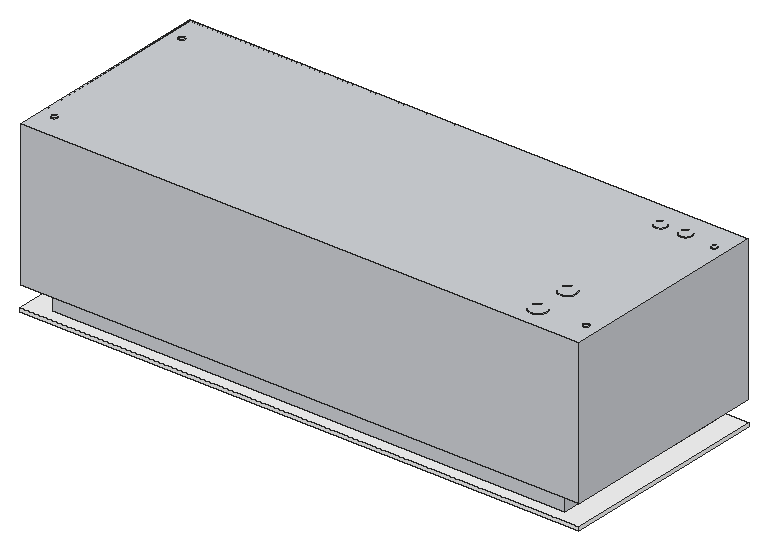
Revit family "PHV1000R P2", category Mechanical Equipment, host Ceiling, Revit 2015
Parameters (values of type "PHV1000WR P2 82/71")
  water in/output pipe holes = 35 mm
  water hole dis = 76 mm
  drop = 15.632 mm
  created by = "Daniel Smith"
  boundary box width = 500 mm
  boundary box length sides = 1000 mm
  Weight (kg) = "40"
  Supply (50Hz) = "230v1phase"
  sheet metal thickness = 1.2 mm
  length = 1150 mm
  width = 436 mm
  flange height = 7 mm
  electrical input holes = 25 mm
  edge w = 47.5 mm
  edge l = 23 mm
  drop rod hole width = 382 mm
  drop rod hole length = 27.273 mm
  center y = width / 2  # 218 mm
  center x = length / 2  # 575 mm
  water hole length = 46 mm
  water hole edge width = 121 mm
  URL = "http://www.thermoscreens.com/"
  Product URL = ""
  Offset from the floor (max distance) = "3meters"
  Noise level dB (A) @3m Med = 57 mm
  Noise level dB (A) @3m Low = 56 mm
  Noise level dB (A) @3m High = 59 mm
  Model = "PHV1000WR P2 82/71"
  Max. Velocity (m/s) = "10.5"
  Max. Air Volume (m3/h) = "2500"
  Manufacturer = "Thermoscreens"
  Loading (A)* per phase = "1.3"
  Heat output (k.W) = "12"
  E pipe 2 length = 140 mm
  E hole width = 50 mm
  E hole 1 length = 90 mm
  Drop rod = 12 mm
  Description = "Thermoscreens PHV recessed range air curtains offer a wide range of heating and mounting options and provide climate separation for entrances up to 3.75m in height. The air curtains are suitable for applications such as hotels, airports, and commercial buildings. The  air curtains are available in standard widths of 1, 1.5 and 2m.  Models available are ambient (without heating), electrical or water heated versions. \r\n\r\nWater heated (LPHW) versions are available with 2 row coils for water inlet temperatures of 70°C or above. In addition, recessed units are also available with 3 row coils for lower water temperatures. Motorised three port valves are supplied as standard with all LPHW models.\r\n\r\nElectrical and LPHW models are supplied complete with Ecopower control."
  DROP = 7 mm
  Boundary box = no
  Air flow = no
Types (4, lengths in mm): name | Weight (kg) | Supply (50Hz) | Model | Max. Velocity (m/s) | Max. Air Volume (m3/h) | Loading (A)* per phase | Heat output (k.W)
  PHV1000AR P2 | "33" | "230v1phase" | "PHV1000AR P2" | "11.5" | "2750" | "1.3" | "-"
  PHV1000ER P2 | "37" | "400v3phase" | "PHV1000ER P2" | "11.5" | "2750" | "18.7" | "6/12"
  PHV1000WR P2 82/71 | "40" | "230v1phase" | "PHV1000WR P2 82/71" | "10.5" | "2500" | "1.3" | "12"
  PHV1000WR P2 60/40 | "40" | "230v1phase" | "PHV1000WR P2 60/40" | "10.5" | "2500" | "1.3" | "12"
Reference planes
  plane 1 "Center (Front/Back)": y = 0
  plane 2: z = 0
  plane 3 "Center (Left/Right)": x = 0
  plane 4 "Ceiling": z = 0
  plane 5: y = 218
  plane 6: y = -218
  plane 7: x = 575
  plane 8: x = -575
  plane 9: x = -527.5
  plane 10: x = 527.5
  plane 11: y = -195
  plane 12: y = 195
Forms (mm)
  Extrusion 1, solid, material "Default New Material(1)"
    sketch origin (0, 0, -7) x (0, 1, 0) y (-1, 0, 0)
      loop
        line (218, 575) -> (-218, 575) -> (-218, -575) -> (218, -575) -> (218, 575)
    from 0 to 7
  Extrusion 2, solid
    sketch origin (0, 0, 0) x (0, 1, 0) y (-1, 0, 0)
      loop
        line (195, 527.5) -> (-195, 527.5) -> (-195, -527.5) -> (195, -527.5) -> (195, 527.5)
    from 0 to 43
  Extrusion 3, solid
    sketch origin (0, 0, 43) x (0, 1, 0) y (-1, 0, 0)
      loop
        line (195, 527.5) -> (-195, 527.5) -> (-195, -527.5) -> (195, -527.5) -> (195, 527.5)
      loop
        line (218, 575) -> (-218, 575) -> (-218, -575) -> (218, -575) -> (218, 575)
    from 0 to 1.2
  Extrusion 4, solid
    sketch origin (-575, 218, 43) x (1, 0, 0) y (0, 0, -1)
      loop
        line (1150, 0) -> (0, 0) -> (0, -296) -> (1150, -296) -> (1150, 0)
    from 0 to -1.2
  Extrusion 5, solid
    sketch origin (575, 218, 43) x (0, -1, 0) y (0, 0, -1)
      loop
        line (436, 0) -> (0, 0) -> (0, -296) -> (436, -296) -> (436, 0)
    from 0 to -1.2
  Extrusion 6, solid
    sketch origin (575, -218, 339) x (0, 0, -1) y (1, 0, 0)
      loop
        line (296, 0) -> (0, 0) -> (0, -1150) -> (296, -1150) -> (296, 0)
    from 0 to -1.2
  Extrusion 7, void
    sketch origin (0, 0, 43) x (-1, 0, 0) y (0, 1, 0)
      loop
        line (-526.3, 193.8) -> (-526.3, -193.8) -> (526.3, -193.8) -> (526.3, 193.8) -> (-526.3, 193.8)
    from 0 to 48
  Extrusion 8, solid
    sketch origin (-575, 218, 339) x (0, 0, -1) y (0, -1, 0)
      loop
        line (0, 0) -> (296, 0) -> (296, 436) -> (0, 436) -> (0, 0)
    from 0 to -1.2
  Extrusion 9, solid
    sketch origin (-575, -218, 339) x (0, 1, 0) y (-1, 0, 0)
      loop
        line (434.8, 0) -> (0, 0) -> (0, -1150) -> (434.8, -1150) -> (434.8, 0)
    from 0 to -1.2
  Extrusion 10, void
    sketch origin (0, 0, -7) x (0, 1, 0) y (-1, 0, 0)
      loop
        line (-178, -540) -> (-153, -540) -> (-153, 540) -> (-178, 540) -> (-178, -540)
      loop
        line (-143, 540) -> (-143, -540) -> (-118, -540) -> (-118, 540) -> (-143, 540)
      loop
        line (-108, 540) -> (-108, -540) -> (-83, -540) -> (-83, 540) -> (-108, 540)
    from 0 to 5
  Extrusion 11, void
    sketch origin (0, 0, -7) x (0, 1, 0) y (-1, 0, 0)
      loop
        line (-33, 540) -> (-33, -540) -> (-28, -540) -> (-28, 540) -> (-33, 540)
      loop
        line (-23, 540) -> (-23, -540) -> (-18, -540) -> (-18, 540) -> (-23, 540)
      loop
        line (-13, 540) -> (-13, -540) -> (-8, -540) -> (-8, 540) -> (-13, 540)
      loop
        line (-3, 540) -> (-3, -540) -> (2, -540) -> (2, 540) -> (-3, 540)
      loop
        line (7, 540) -> (7, -540) -> (12, -540) -> (12, 540) -> (7, 540)
      loop
        line (17, 540) -> (17, -540) -> (22, -540) -> (22, 540) -> (17, 540)
      loop
        line (27, 540) -> (27, -540) -> (32, -540) -> (32, 540) -> (27, 540)
      loop
        line (37, 540) -> (37, -540) -> (42, -540) -> (42, 540) -> (37, 540)
      loop
        line (47, 540) -> (47, -540) -> (52, -540) -> (52, 540) -> (47, 540)
      loop
        line (57, 540) -> (57, -540) -> (62, -540) -> (62, 540) -> (57, 540)
      loop
        line (67, 540) -> (67, -540) -> (72, -540) -> (72, 540) -> (67, 540)
      loop
        line (77, 540) -> (77, -540) -> (82, -540) -> (82, 540) -> (77, 540)
      loop
        line (87, 540) -> (87, -540) -> (92, -540) -> (92, 540) -> (87, 540)
      loop
        line (97, 540) -> (97, -540) -> (102, -540) -> (102, 540) -> (97, 540)
      loop
        line (107, 540) -> (107, -540) -> (112, -540) -> (112, 540) -> (107, 540)
      loop
        line (117, 540) -> (117, -540) -> (122, -540) -> (122, 540) -> (117, 540)
      loop
        line (127, 540) -> (127, -540) -> (132, -540) -> (132, 540) -> (127, 540)
      loop
        line (137, 540) -> (137, -540) -> (142, -540) -> (142, 540) -> (137, 540)
      loop
        line (147, 540) -> (147, -540) -> (152, -540) -> (152, 540) -> (147, 540)
      loop
        line (157, 540) -> (157, -540) -> (162, -540) -> (162, 540) -> (157, 540)
      loop
        line (166.951, 540) -> (166.951, -540) -> (171.951, -540) -> (171.951, 540) -> (166.951, 540)
      loop
        line (176.951, 540) -> (176.951, -540) -> (181.951, -540) -> (181.951, 540) -> (176.951, 540)
      loop
        line (-63, 540) -> (-63, -540) -> (-58, -540) -> (-58, 540) -> (-63, 540)
      loop
        line (-53, 540) -> (-53, -540) -> (-48, -540) -> (-48, 540) -> (-53, 540)
      loop
        line (-43, 540) -> (-43, -540) -> (-38, -540) -> (-38, 540) -> (-43, 540)
    from 0 to 5
  Extrusion 12, solid
    sketch origin (-575, -218, 337.8) x (-1, 0, 0) y (0, 1, 0)
      loop
        circle (-1029, 46) r 17.5
      loop
        circle (-1029, 122) r 17.5
      loop
        circle (-1122.727, 382) r 6
      loop
        circle (-1122.727, 52.8) r 6
      loop
        circle (-27.273, 52.8) r 6
      loop
        circle (-27.273, 382) r 6
      loop
        circle (-1060, 387.418) r 12.5
      loop
        circle (-1010, 384.8) r 12.5
    from -1 to -1.2
  Extrusion 13, solid, material "air flow and work space", visible <- "Boundary box", detail levels fine
    sketch origin (-575, -218, 337.8) x (-1, 0, 0) y (0, 1, 0)
      loop
        line (500, 934.8) -> (-1650, 934.8) -> (-1650, 0) -> (-1150, 0) -> (-1150, 434.8) -> (-1.2, 434.8) -> (-1.2, 0) -> (500, 0) -> (500, 934.8)
    from 0 to 344.8
  Extrusion 14, solid, material "air flow and work space", visible <- "Air flow", detail levels fine
    sketch origin (0, 0, -7) x (-1, 0, 0) y (0, 1, 0)
      loop
        line (575, -216.8) -> (575, 218) -> (-575, 218) -> (-575, -216.8) -> (575, -216.8)
    from 0 to 3000
Cuts and joins
  Extrusion 7, Extrusion 10, Extrusion 11 cuts Extrusion 1
  Extrusion 7, Extrusion 10 cuts Extrusion 2
  Extrusion 10 cuts Extrusion 3
  joined: Extrusion 3, Extrusion 4, Extrusion 5, Extrusion 6, Extrusion 8, Extrusion 9
Dimensions and locks
  equal spacing: host sketch curve, plane 3 "Center (Left/Right)", host sketch curve
  equal spacing: host sketch curve, plane 1 "Center (Front/Back)", host sketch curve
  host sketch curve to host sketch curve = 4000 mm  (x2)
  locked: plane 4 "Ceiling" to host ceiling at 0
  "width": plane 5 to plane 6
  "length": plane 8 to plane 7
  "center x": plane 3 "Center (Left/Right)" to plane 7
  "center y": plane 6 to plane 1 "Center (Front/Back)"
  "edge l": plane 11 to plane 6
  "edge l": plane 12 to plane 5
  "edge w": plane 8 to plane 9
  "edge w": plane 10 to plane 7
  "sheet metal thickness": Extrusion 3 to Extrusion 7 sketch curve
  "water hole length": Extrusion 9 to Extrusion 12 sketch curve
  "water hole edge width": Extrusion 9 to Extrusion 12 sketch curve  (x2)
  "water hole dis": Extrusion 12 sketch curve to Extrusion 12 sketch curve
  "drop rod hole length": Extrusion 12 sketch curve to Extrusion 9  (x2)
  "drop rod hole width": Extrusion 9 to Extrusion 12 sketch curve  (x4)
  "drop rod hole length": Extrusion 9 to Extrusion 12 sketch curve  (x2)
  "E hole width": Extrusion 9 to Extrusion 12 sketch curve
  Extrusion 9 to Extrusion 12 sketch curve = 47.382 mm
  "E pipe 2 length": Extrusion 9 to Extrusion 12 sketch curve
  "E hole 1 length": Extrusion 9 to Extrusion 12 sketch curve
  Extrusion 9 to Extrusion 12 sketch curve = 52.8 mm
  level to plane 2 = 0 mm
  "Drop rod": diameter of Extrusion 12 sketch curve  (x4)
  "water in/output pipe holes": diameter of Extrusion 12 sketch curve  (x2)
  "electrical input holes": diameter of Extrusion 12 sketch curve  (x2)
Automatic sketch dimensions
  Extrusion 1 sketch curve to plane 6 = 0 mm
  Extrusion 1 sketch curve to plane 5 = 0 mm
  Extrusion 1 sketch curve to plane 7 = 0 mm
  plane 8 to Extrusion 1 sketch curve = 0 mm
  Extrusion 2 sketch curve to Extrusion 1 = 23 mm  (x2)
  Extrusion 2 sketch curve to Extrusion 1 = 47.5 mm  (x2)
  Extrusion 2 to Extrusion 3 sketch curve = 0 mm
  Extrusion 3 sketch curve to Extrusion 2 = 0 mm  (x3)
  Extrusion 2 to Extrusion 3 sketch curve = 23 mm  (x2)
  Extrusion 2 to Extrusion 3 sketch curve = 47.5 mm  (x2)
  Extrusion 4 sketch curve to Extrusion 3 = 0 mm  (x2)
  Extrusion 3 to Extrusion 4 sketch curve = 0 mm
  Extrusion 4 sketch curve to Extrusion 3 = 294.8 mm
  Extrusion 5 sketch curve to Extrusion 3 = 0 mm  (x3)
  Extrusion 5 sketch curve to Extrusion 3 = 294.8 mm
  Extrusion 6 sketch curve to Extrusion 5 = 0 mm  (x3)
  Extrusion 6 sketch curve to Extrusion 5 = 1148.8 mm
  Extrusion 7 sketch curve to Extrusion 2 = 1.2 mm  (x3)
  Extrusion 8 sketch curve to Extrusion 4 = 0 mm  (x2)
  Extrusion 4 to Extrusion 8 sketch curve = 0 mm
  Extrusion 8 sketch curve to Extrusion 4 = 434.8 mm
  Extrusion 9 sketch curve to Extrusion 8 = 0 mm  (x2)
  Extrusion 9 sketch curve to Extrusion 8 = 1.2 mm
  Extrusion 9 sketch curve to Extrusion 8 = 1148.8 mm
  Extrusion 1 to Extrusion 10 sketch curve = 40 mm
  Extrusion 10 sketch curve to Extrusion 10 sketch curve = 25 mm  (x3)
  Extrusion 10 sketch curve to Extrusion 10 sketch curve = 10 mm  (x2)
  Extrusion 1 to Extrusion 10 sketch curve = 35 mm  (x2)
  Extrusion 10 sketch curve to Extrusion 10 sketch curve = 0 mm  (x4)
  Extrusion 1 to Extrusion 11 sketch curve = 35 mm  (x7)
  Extrusion 1 to Extrusion 11 sketch curve = 155 mm
  Extrusion 11 sketch curve to Extrusion 11 sketch curve = 5 mm  (x48)
  Extrusion 11 sketch curve to Extrusion 11 sketch curve = 4.951 mm
  Extrusion 11 sketch curve to Extrusion 11 sketch curve = 0 mm  (x43)
  Extrusion 14 sketch curve to Extrusion 1 = 0 mm  (x3)
  Extrusion 1 to Extrusion 14 sketch curve = 1.2 mm
  Extrusion 9 to Extrusion 13 sketch curve = 0 mm  (x2)
  Extrusion 13 sketch curve to Extrusion 9 = 0 mm  (x2)
  Extrusion 13 sketch curve to Extrusion 9 = 500 mm  (x3)
  Extrusion 9 to Extrusion 13 sketch curve = 1.2 mm
Connectors
  piping at (-547.727, 164, 339), diameter 12
    settings: on Extrusion 12, index 5, connector inside diameter 609.6 mm, connector length 0 mm, flow factor 0, pipe flow 0.0 L/s, pressure drop 0.0 Pa, fitting loss kfactor 0, connector angle 0.00°, fixture units 0, engagement length 0 mm, angle of deflection 0.00°, flow configuration 0, flow direction 0, fitting loss method 0, system type 28, joint type 0, gender type 0, connector reference index -1, connector utility 0, adjustable connector no, is connector primary yes, connector description ""
  piping at (547.727, 164, 339), diameter 12
    settings: on Extrusion 12, index 6, connector inside diameter 609.6 mm, connector length 0 mm, flow factor 0, pipe flow 0.0 L/s, pressure drop 0.0 Pa, fitting loss kfactor 0, connector angle 0.00°, fixture units 0, engagement length 0 mm, angle of deflection 0.00°, flow configuration 0, flow direction 0, fitting loss method 0, system type 28, joint type 0, gender type 0, connector reference index -1, connector utility 0, adjustable connector no, is connector primary no, connector description ""
  piping at (547.727, -165.2, 339), diameter 12
    settings: on Extrusion 12, index 7, connector inside diameter 609.6 mm, connector length 0 mm, flow factor 0, pipe flow 0.0 L/s, pressure drop 0.0 Pa, fitting loss kfactor 0, connector angle 0.00°, fixture units 0, engagement length 0 mm, angle of deflection 0.00°, flow configuration 0, flow direction 0, fitting loss method 0, system type 28, joint type 0, gender type 0, connector reference index -1, connector utility 0, adjustable connector no, is connector primary no, connector description ""
  piping at (-547.727, -165.2, 339), diameter 12
    settings: on Extrusion 12, index 8, connector inside diameter 609.6 mm, connector length 0 mm, flow factor 0, pipe flow 0.0 L/s, pressure drop 0.0 Pa, fitting loss kfactor 0, connector angle 0.00°, fixture units 0, engagement length 0 mm, angle of deflection 0.00°, flow configuration 0, flow direction 0, fitting loss method 0, system type 28, joint type 0, gender type 0, connector reference index -1, connector utility 0, adjustable connector no, is connector primary no, connector description ""
  piping at (454, -172, 339), diameter 35
    settings: on Extrusion 12, index 9, connector inside diameter 609.6 mm, connector length 0 mm, flow factor 0, pipe flow 0.0 L/s, pressure drop 0.0 Pa, fitting loss kfactor 0, connector angle 0.00°, fixture units 0, engagement length 0 mm, angle of deflection 0.00°, flow configuration 0, flow direction 2, fitting loss method 4, system type 19, joint type 0, gender type 0, connector reference index -1, connector utility 0, adjustable connector no, is connector primary no, connector description ""
  piping at (454, -96, 339), diameter 35
    settings: on Extrusion 12, index 10, connector inside diameter 609.6 mm, connector length 0 mm, flow factor 0, pipe flow 0.0 L/s, pressure drop 0.0 Pa, fitting loss kfactor 0, connector angle 0.00°, fixture units 0, engagement length 0 mm, angle of deflection 0.00°, flow configuration 0, flow direction 1, fitting loss method 4, system type 19, joint type 0, gender type 0, connector reference index -1, connector utility 0, adjustable connector no, is connector primary no, connector description ""
  electrical at (435, 166.8, 339)
    settings: on Extrusion 12, index 11, voltage 0 V, apparent load 0 VA, apparent load phase1 0 VA, apparent load phase2 0 VA, apparent load phase3 0 VA, power factor 1, load classification "Other", number of poles 1, system type 31, power factor state 1, is connector primary yes, connector utility no, sub classification motor no, connector description ""
  electrical at (485, 169.418, 339)
    settings: on Extrusion 12, index 12, voltage 0 V, apparent load 0 VA, apparent load phase1 0 VA, apparent load phase2 0 VA, apparent load phase3 0 VA, power factor 1, load classification "Other", number of poles 1, system type 31, power factor state 1, is connector primary no, connector utility no, sub classification motor no, connector description ""
